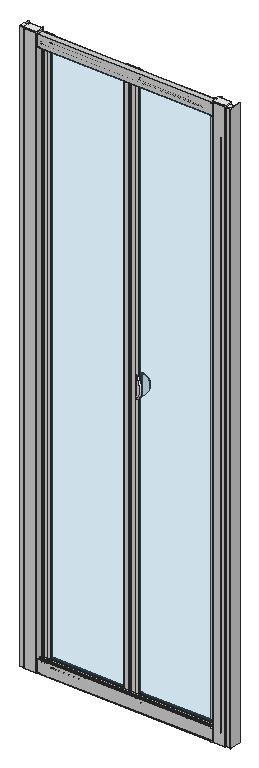
Revit family "TOPK", category Plumbing Fixtures, Revit 2015
Parameters (values of type "700")
  Seal = Seal
  Profile = Profile
  Glass = Glass
  Aluminum = Aluminum
  A = 700 mm
  URL = "http://www.sanswiss.com/"
  Type Comments = "TOP LINE"
  Model = "TOPK"
  Manufacturer = "SanSwiss"
Reference planes
  plane 1 "Center (Front/Back)": y = 0
  plane 2: z = 0
  plane 3 "Center (Left/Right)": x = 0
  plane 4: z = 1900
  plane 5: x = 700
  plane 6: x = 350
  plane 7: x = 370.098
Forms (mm)
  Sweep 1, solid, material "Profile" <- "Profile"
    path origin (0.01, 2.2, 2.5) x (1, 0, 0) y (0, 0, 1)
      loop
        line (1.5, -2.5) -> (1.5, 1898)
    profile origin (1.51, 2.2, 950.25) x (-1, 0, 0) y (0, -1, 0)
      loop
        line (0, -20.045) -> (0, -37.344)
        arc (0, -37.344) -> (0.439, -38.404) -> (1.5, -38.844) r 1.5
        line (1.5, -38.844) -> (1.5, -2.56)
        arc (1.5, -2.56) -> (1.073, -1.527) -> (0.04, -1.1) r 1.46
        line (0.04, -1.1) -> (-34.958, -1.1)
        arc (-34.958, -1.1) -> (-36.019, -1.539) -> (-36.458, -2.6) r 1.5
        line (-36.458, -2.6) -> (-36.458, -17.6)
        arc (-36.458, -17.6) -> (-36.019, -18.661) -> (-34.958, -19.1) r 1.5
        line (-34.958, -19.1) -> (-0.945, -19.1)
        arc (-0.945, -19.1) -> (-0.277, -19.377) -> (0, -20.045) r 0.945
  Sweep 2, solid, material "Profile" <- "Profile"
    path origin (0.35, 0, 0) x (1, 0, 0) y (0, 0, 1)
      loop
        line (0, 1902.5) -> (0, 0)
    profile origin (0.35, 0, 951.25) x (0, -1, 0) y (1, 0, 0)
      loop
        line (-21.3, 14.25) -> (-21.3, 15.75) -> (-23.1, 15.75) -> (-23.1, 22.55) -> (-21.5, 22.55) -> (-21.5, 24.05) -> (-23.1, 24.05) -> (-23.1, 44.741)
        arc (-23.1, 44.741) -> (-23.285, 45.673) -> (-23.813, 46.463) r 2.436
        line (-23.813, 46.463) -> (-26.88, 49.53)
        arc (-26.88, 49.53) -> (-27.053, 49.948) -> (-26.88, 50.366) r 0.591
        line (-26.88, 50.366) -> (-23.539, 53.706)
        arc (-23.539, 53.706) -> (-23.214, 54.188) -> (-23.1, 54.758) r 1.478
        line (-23.1, 54.758) -> (-23.1, 56.142)
        arc (-23.1, 56.142) -> (-22.922, 56.572) -> (-22.492, 56.75) r 0.608
        line (-22.492, 56.75) -> (-19.816, 56.75)
        arc (-19.816, 56.75) -> (-19.38, 56.57) -> (-19.2, 56.134) r 0.616
        line (-19.2, 56.134) -> (-19.2, 54.75) -> (-17.7, 54.75) -> (-17.7, 56.146)
        arc (-17.7, 56.146) -> (-17.523, 56.573) -> (-17.096, 56.75) r 0.604
        line (-17.096, 56.75) -> (-2.176, 56.75)
        arc (-2.176, 56.75) -> (-1.698, 56.552) -> (-1.5, 56.074) r 0.676
        line (-1.5, 56.074) -> (-1.5, 24.05) -> (-3.1, 24.05) -> (-3.1, 22.55) -> (-1.5, 22.55) -> (-1.5, 15.75) -> (-3.3, 15.75) -> (-3.3, 14.25) -> (-1.5, 14.25)
        arc (-1.5, 14.25) -> (-0.439, 14.689) -> (0, 15.75) r 1.5
        line (0, 15.75) -> (0, 57.264)
        arc (0, 57.264) -> (-0.289, 57.961) -> (-0.986, 58.25) r 0.986
        line (-0.986, 58.25) -> (-23.6, 58.25)
        arc (-23.6, 58.25) -> (-24.307, 57.957) -> (-24.6, 57.25) r 1
        line (-24.6, 57.25) -> (-24.6, 55.818)
        arc (-24.6, 55.818) -> (-24.766, 55.416) -> (-25.168, 55.25) r 0.568
        line (-25.168, 55.25) -> (-31.1, 55.25)
        arc (-31.1, 55.25) -> (-32.486, 54.324) -> (-32.161, 52.689) r 1.5
        line (-32.161, 52.689) -> (-25.139, 45.668)
        arc (-25.139, 45.668) -> (-24.74, 45.071) -> (-24.6, 44.366) r 1.84
        line (-24.6, 44.366) -> (-24.6, 15.75)
        arc (-24.6, 15.75) -> (-24.161, 14.689) -> (-23.1, 14.25) r 1.5
        line (-23.1, 14.25) -> (-21.3, 14.25)
  Sweep 3, solid, material "Seal" <- "Seal"
    path origin (0, 0, 0) x (1, 0, 0) y (0, 0, 1)
      loop
        line (59.404, 11) -> (59.404, 1889)
    profile origin (59.404, 0, 950) x (-1, 0, 0) y (0, -1, 0)
      loop
        line (2.687, -26.463) -> (2.687, -30.848) -> (3.712, -30.848) -> (3.773, -29.3) -> (3.773, -27.7) -> (3.649, -26.786)
        arc (3.649, -26.786) -> (2.171, -24.973) -> (0.693, -26.786) r 1.509
        line (0.693, -26.786) -> (0.616, -31.222)
        arc (0.616, -31.222) -> (0.632, -33.134) -> (-0.079, -34.909) r 4.938
        arc (-0.079, -34.909) -> (0.089, -35.26) -> (0.464, -35.153) r 0.302
        arc (0.464, -35.153) -> (1.358, -33.277) -> (1.666, -31.222) r 7.031
        line (1.666, -31.222) -> (1.666, -26.463)
        arc (1.666, -26.463) -> (2.176, -25.953) -> (2.687, -26.463) r 0.511
  Sweep 4, solid, material "Profile" <- "Profile"
    path origin (0, 0, 0) x (1, 0, 0) y (0, 0, 1)
      loop
        line (75.7, 11) -> (75.7, 1889)
    profile origin (75.7, 0, 950) x (-1, 0, 0) y (0, -1, 0)
      loop
        line (-0.427, -38.093) -> (13.302, -38.093)
        arc (13.302, -38.093) -> (15.18, -37.613) -> (16.6, -36.293) r 3.922
        line (16.6, -36.293) -> (16.6, -25.593)
        arc (16.6, -25.593) -> (15.868, -23.825) -> (14.1, -23.093) r 2.5
        line (14.1, -23.093) -> (-0.427, -23.093)
        arc (-0.427, -23.093) -> (-4.352, -24.212) -> (-7.097, -27.235) r 7.442
        line (-7.097, -27.235) -> (-7.097, -33.938)
        arc (-7.097, -33.938) -> (-4.356, -36.969) -> (-0.427, -38.093) r 7.432
  Sweep 5, solid, material "Profile" <- "Profile"
    path origin (0, 0, 0) x (1, 0, 0) y (0, 1, 0)
      loop
        line (325.303, 34.243) -> (82.797, 34.243)
    profile origin (204.05, 34.243, 0) x (0, -1, 0) y (0, 0, 1)
      loop
        line (0, 40.858) -> (0, 11.701)
        arc (0, 11.701) -> (0.293, 10.993) -> (1.001, 10.7) r 1.001
        line (1.001, 10.7) -> (6.355, 10.7)
        arc (6.355, 10.7) -> (7.094, 11.006) -> (7.4, 11.745) r 1.045
        line (7.4, 11.745) -> (7.4, 30.8) -> (9.257, 30.8) -> (9.257, 33.65) -> (8.057, 33.65) -> (8.057, 32.45) -> (6.857, 32.45) -> (6.857, 39.65) -> (8.057, 39.65) -> (8.057, 38.45) -> (9.257, 38.45) -> (9.257, 40.858) -> (5.7, 40.858) -> (5.7, 33.7) -> (1.7, 33.7) -> (1.7, 40.858) -> (0, 40.858)
      loop
        line (1, 31.2) -> (1, 11.7) -> (6.4, 11.7) -> (6.4, 31.2) -> (1, 31.2)
  Sweep 6, solid, material "Profile" <- "Profile"
    path origin (509.655, 61.185, 0) x (-1, 0, 0) y (0, 0, 1)
      loop
        line (177.255, 10.7) -> (177.255, 1888.9)
    profile origin (332.4, 61.185, 949.8) x (1, 0, 0) y (0, 1, 0)
      loop
        line (-0.427, -38.093) -> (13.302, -38.093)
        arc (13.302, -38.093) -> (15.18, -37.613) -> (16.6, -36.293) r 3.922
        line (16.6, -36.293) -> (16.6, -25.593)
        arc (16.6, -25.593) -> (15.868, -23.825) -> (14.1, -23.093) r 2.5
        line (14.1, -23.093) -> (-0.427, -23.093)
        arc (-0.427, -23.093) -> (-4.352, -24.212) -> (-7.097, -27.235) r 7.442
        line (-7.097, -27.235) -> (-7.097, -33.938)
        arc (-7.097, -33.938) -> (-4.356, -36.969) -> (-0.427, -38.093) r 7.432
  Sweep 7, solid, material "Seal" <- "Seal"
    path origin (1.442, 0, 0) x (1, 0, 0) y (0, 0, 1)
      loop
        line (350.441, 1874.3) -> (350.441, 25.3)
    profile origin (351.883, 0, 949.8) x (0, -1, 0) y (1, 0, 0)
      loop
        arc (-24.062, -5.882) -> (-23.34, -5.906) -> (-23.373, -5.185) r 0.492
        arc (-23.373, -5.185) -> (-23.557, -4.685) -> (-23.222, -4.272) r 0.538
        arc (-23.222, -4.272) -> (-21.315, -1.416) -> (-23.348, 1.352) r 2.992
        arc (-23.348, 1.352) -> (-23.682, 1.749) -> (-23.483, 2.228) r 0.5
        arc (-23.483, 2.228) -> (-23.385, 2.971) -> (-24.13, 3.038) r 0.519
        line (-24.13, 3.038) -> (-25.718, 1.095)
        arc (-25.718, 1.095) -> (-25.642, 0.345) -> (-24.893, 0.421) r 0.533
        arc (-24.893, 0.421) -> (-22.314, -1.483) -> (-24.893, -3.388) r 1.992
        arc (-24.893, -3.388) -> (-25.598, -3.338) -> (-25.647, -4.043) r 0.5
        line (-25.647, -4.043) -> (-24.062, -5.882)
  Sweep 8, solid, material "Profile" <- "Profile"
    path origin (900.2, 2.2, 2.5) x (-1, 0, 0) y (0, 0, -1)
      loop
        line (201.7, 2.5) -> (201.7, -1898)
    profile origin (698.5, 2.2, 950.25) x (-1, 0, 0) y (0, -1, 0)
      loop
        arc (0, -20.045) -> (0.277, -19.377) -> (0.945, -19.1) r 0.945
        line (0.945, -19.1) -> (34.958, -19.1)
        arc (34.958, -19.1) -> (36.019, -18.661) -> (36.458, -17.6) r 1.5
        line (36.458, -17.6) -> (36.458, -2.6)
        arc (36.458, -2.6) -> (36.019, -1.539) -> (34.958, -1.1) r 1.5
        line (34.958, -1.1) -> (-0.04, -1.1)
        arc (-0.04, -1.1) -> (-1.073, -1.527) -> (-1.5, -2.56) r 1.46
        line (-1.5, -2.56) -> (-1.5, -38.844)
        arc (-1.5, -38.844) -> (-0.439, -38.404) -> (0, -37.344) r 1.5
        line (0, -37.344) -> (0, -20.045)
  Sweep 9, solid, material "Profile" <- "Profile"
    path origin (899.85, 0, 0) x (-1, 0, 0) y (0, 0, -1)
      loop
        line (200.2, -1902.5) -> (200.2, 0)
    profile origin (699.65, 0, 951.25) x (0, -1, 0) y (1, 0, 0)
      loop
        line (-21.3, -14.25) -> (-23.1, -14.25)
        arc (-23.1, -14.25) -> (-24.161, -14.689) -> (-24.6, -15.75) r 1.5
        line (-24.6, -15.75) -> (-24.6, -44.366)
        arc (-24.6, -44.366) -> (-24.74, -45.071) -> (-25.139, -45.668) r 1.84
        line (-25.139, -45.668) -> (-32.161, -52.689)
        arc (-32.161, -52.689) -> (-32.486, -54.324) -> (-31.1, -55.25) r 1.5
        line (-31.1, -55.25) -> (-25.168, -55.25)
        arc (-25.168, -55.25) -> (-24.766, -55.416) -> (-24.6, -55.818) r 0.568
        line (-24.6, -55.818) -> (-24.6, -57.25)
        arc (-24.6, -57.25) -> (-24.307, -57.957) -> (-23.6, -58.25) r 1
        line (-23.6, -58.25) -> (-0.986, -58.25)
        arc (-0.986, -58.25) -> (-0.289, -57.961) -> (0, -57.264) r 0.986
        line (0, -57.264) -> (0, -15.75)
        arc (0, -15.75) -> (-0.439, -14.689) -> (-1.5, -14.25) r 1.5
        line (-1.5, -14.25) -> (-3.3, -14.25) -> (-3.3, -15.75) -> (-1.5, -15.75) -> (-1.5, -22.55) -> (-3.1, -22.55) -> (-3.1, -24.05) -> (-1.5, -24.05) -> (-1.5, -56.074)
        arc (-1.5, -56.074) -> (-1.698, -56.552) -> (-2.176, -56.75) r 0.676
        line (-2.176, -56.75) -> (-17.096, -56.75)
        arc (-17.096, -56.75) -> (-17.523, -56.573) -> (-17.7, -56.146) r 0.604
        line (-17.7, -56.146) -> (-17.7, -54.75) -> (-19.2, -54.75) -> (-19.2, -56.134)
        arc (-19.2, -56.134) -> (-19.38, -56.57) -> (-19.816, -56.75) r 0.616
        line (-19.816, -56.75) -> (-22.492, -56.75)
        arc (-22.492, -56.75) -> (-22.922, -56.572) -> (-23.1, -56.142) r 0.608
        line (-23.1, -56.142) -> (-23.1, -54.758)
        arc (-23.1, -54.758) -> (-23.214, -54.188) -> (-23.539, -53.706) r 1.478
        line (-23.539, -53.706) -> (-26.88, -50.366)
        arc (-26.88, -50.366) -> (-27.053, -49.948) -> (-26.88, -49.53) r 0.591
        line (-26.88, -49.53) -> (-23.813, -46.463)
        arc (-23.813, -46.463) -> (-23.285, -45.673) -> (-23.1, -44.741) r 2.436
        line (-23.1, -44.741) -> (-23.1, -24.05) -> (-21.5, -24.05) -> (-21.5, -22.55) -> (-23.1, -22.55) -> (-23.1, -15.75) -> (-21.3, -15.75) -> (-21.3, -14.25)
  Sweep 10, solid, material "Seal" <- "Seal"
    path origin (900.199, 0, 0) x (-1, 0, 0) y (0, 0, 1)
      loop
        line (259.604, 11) -> (259.604, 1889)
    profile origin (640.595, 0, 950) x (-1, 0, 0) y (0, -1, 0)
      loop
        arc (-2.687, -26.498) -> (-2.176, -25.988) -> (-1.666, -26.498) r 0.511
        line (-1.666, -26.498) -> (-1.666, -31.257)
        arc (-1.666, -31.257) -> (-1.358, -33.312) -> (-0.464, -35.188) r 7.031
        arc (-0.464, -35.188) -> (-0.089, -35.295) -> (0.079, -34.944) r 0.302
        arc (0.079, -34.944) -> (-0.632, -33.169) -> (-0.616, -31.257) r 4.938
        line (-0.616, -31.257) -> (-0.693, -26.821)
        arc (-0.693, -26.821) -> (-2.171, -25.008) -> (-3.649, -26.821) r 1.509
        line (-3.649, -26.821) -> (-3.773, -27.735) -> (-3.773, -29.335) -> (-3.712, -30.883) -> (-2.687, -30.883) -> (-2.687, -26.498)
  Sweep 11, solid, material "Profile" <- "Profile"
    path origin (899.8, 0, 0) x (-1, 0, 0) y (0, 0, 1)
      loop
        line (275.9, 11) -> (275.9, 1889)
    profile origin (623.9, 0, 950) x (-1, 0, 0) y (0, -1, 0)
      loop
        arc (0.427, -38.093) -> (4.356, -36.969) -> (7.097, -33.938) r 7.432
        line (7.097, -33.938) -> (7.097, -27.235)
        arc (7.097, -27.235) -> (4.352, -24.212) -> (0.427, -23.093) r 7.442
        line (0.427, -23.093) -> (-14.1, -23.093)
        arc (-14.1, -23.093) -> (-15.868, -23.825) -> (-16.6, -25.593) r 2.5
        line (-16.6, -25.593) -> (-16.6, -36.293)
        arc (-16.6, -36.293) -> (-15.18, -37.613) -> (-13.302, -38.093) r 3.922
        line (-13.302, -38.093) -> (0.427, -38.093)
  Sweep 12, solid, material "Profile" <- "Profile"
    path origin (898.2, 0, 0) x (-1, 0, 0) y (0, 1, 0)
      loop
        line (522.703, 34.243) -> (281.397, 34.243)
    profile origin (496.15, 34.243, 0) x (0, 1, 0) y (0, 0, 1)
      loop
        line (0, 40.858) -> (-1.7, 40.858) -> (-1.7, 33.7) -> (-5.7, 33.7) -> (-5.7, 40.858) -> (-9.257, 40.858) -> (-9.257, 38.45) -> (-8.057, 38.45) -> (-8.057, 39.65) -> (-6.857, 39.65) -> (-6.857, 32.45) -> (-8.057, 32.45) -> (-8.057, 33.65) -> (-9.257, 33.65) -> (-9.257, 30.8) -> (-7.4, 30.8) -> (-7.4, 11.745)
        arc (-7.4, 11.745) -> (-7.094, 11.006) -> (-6.355, 10.7) r 1.045
        line (-6.355, 10.7) -> (-1.001, 10.7)
        arc (-1.001, 10.7) -> (-0.293, 10.993) -> (0, 11.701) r 1.001
        line (0, 11.701) -> (0, 40.858)
      loop
        line (-1, 31.2) -> (-6.4, 31.2) -> (-6.4, 11.7) -> (-1, 11.7) -> (-1, 31.2)
  Sweep 13, solid, material "Profile" <- "Profile"
    path origin (394.255, 61.185, 0) x (1, 0, 0) y (0, 0, -1)
      loop
        line (-25.855, -10.7) -> (-25.855, -1888.9)
    profile origin (368.4, 61.185, 949.8) x (1, 0, 0) y (0, 1, 0)
      loop
        arc (0.427, -38.093) -> (4.356, -36.969) -> (7.097, -33.938) r 7.432
        line (7.097, -33.938) -> (7.097, -27.235)
        arc (7.097, -27.235) -> (4.352, -24.212) -> (0.427, -23.093) r 7.442
        line (0.427, -23.093) -> (-14.1, -23.093)
        arc (-14.1, -23.093) -> (-15.868, -23.825) -> (-16.6, -25.593) r 2.5
        line (-16.6, -25.593) -> (-16.6, -36.293)
        arc (-16.6, -36.293) -> (-15.18, -37.613) -> (-13.302, -38.093) r 3.922
        line (-13.302, -38.093) -> (0.427, -38.093)
  Extrusion 14, solid, material "Glass" <- "Glass"
    sketch origin (0, 0, 0) x (1, 0, 0) y (0, 1, 0)
      loop
        line (82.797, 32.543) -> (82.797, 28.543) -> (325.303, 28.543) -> (325.303, 32.543) -> (82.797, 32.543)
    from 33.7 to 1867
  Extrusion 15, solid, material "Glass" <- "Glass"
    sketch origin (0, 0, 0) x (1, 0, 0) y (0, 1, 0)
      loop
        line (375.497, 32.543) -> (375.497, 28.543) -> (616.803, 28.543) -> (616.803, 32.543) -> (375.497, 32.543)
    from 33.7 to 1867
  Sweep 16, solid, material "Profile" <- "Profile"
    path origin (0, 0, 0) x (1, 0, 0) y (0, 1, 0)
      loop
        line (58.6, 3.1) -> (641.4, 3.1)
    profile origin (350, 3.1, 0) x (0, 1, 0) y (0, 0, 1)
      loop
        line (16.399, 42) -> (8.397, 42)
        arc (8.397, 42) -> (7.602, 42.521) -> (6.654, 42.6) r 1.931
        line (6.654, 42.6) -> (-0.033, 42.6)
        arc (-0.033, 42.6) -> (-1.07, 42.17) -> (-1.5, 41.133) r 1.467
        line (-1.5, 41.133) -> (-1.5, 1.4)
        arc (-1.5, 1.4) -> (-1.09, 0.41) -> (-0.1, 0) r 1.4
        line (-0.1, 0) -> (15.584, 0)
        arc (15.584, 0) -> (16.519, 0.387) -> (16.906, 1.322) r 1.322
        line (16.906, 1.322) -> (16.906, 8.193) -> (16.006, 10.123)
        arc (16.006, 10.123) -> (15.637, 10.543) -> (15.1, 10.7) r 1
        line (15.1, 10.7) -> (9.5, 10.7)
        arc (9.5, 10.7) -> (8.197, 11.24) -> (7.657, 12.543) r 1.843
        line (7.657, 12.543) -> (7.657, 29.394)
        arc (7.657, 29.394) -> (7.864, 29.893) -> (8.363, 30.1) r 0.706
        line (8.363, 30.1) -> (11.1, 30.1) -> (11.1, 28.6)
        arc (11.1, 28.6) -> (12, 27.7) -> (12.9, 28.6) r 0.9
        line (12.9, 28.6) -> (12.9, 30.1) -> (16.457, 30.1)
        arc (16.457, 30.1) -> (17.057, 30.7) -> (16.457, 31.3) r 0.6
        line (16.457, 31.3) -> (14, 31.3) -> (14, 33.65) -> (12.8, 33.65) -> (12.8, 31.6) -> (9.8, 31.6) -> (9.8, 40.5) -> (12.8, 40.5) -> (12.8, 38.45) -> (14, 38.45) -> (14, 40.8) -> (16.399, 40.8)
        arc (16.399, 40.8) -> (16.999, 41.4) -> (16.399, 42) r 0.6
  Sweep 17, solid, material "Profile" <- "Profile"
    path origin (7.93, -0.036, 1898.5) x (0, -1, 0) y (1, 0, 0)
      loop
        line (-3.1, 50.67) -> (-3.1, 633.47)
    profile origin (350, 3.064, 1898.5) x (0, 1, 0) y (0, 0, 1)
      loop
        arc (16.435, -39.8) -> (17.035, -39.2) -> (16.435, -38.6) r 0.6
        line (16.435, -38.6) -> (14.036, -38.6) -> (14.036, -36.25) -> (12.836, -36.25) -> (12.836, -38.3) -> (9.8, -38.3) -> (9.8, -29.4) -> (12.836, -29.4) -> (12.836, -31.45) -> (14.036, -31.45) -> (14.036, -29.1) -> (16.493, -29.1)
        arc (16.493, -29.1) -> (17.093, -28.5) -> (16.493, -27.9) r 0.6
        line (16.493, -27.9) -> (12.936, -27.9) -> (12.936, -26.4)
        arc (12.936, -26.4) -> (12.036, -25.5) -> (11.136, -26.4) r 0.9
        line (11.136, -26.4) -> (11.136, -27.9) -> (8.363, -27.9)
        arc (8.363, -27.9) -> (7.864, -27.693) -> (7.657, -27.194) r 0.706
        line (7.657, -27.194) -> (7.657, -12.543)
        arc (7.657, -12.543) -> (8.197, -11.24) -> (9.5, -10.7) r 1.843
        line (9.5, -10.7) -> (15.1, -10.7)
        arc (15.1, -10.7) -> (15.637, -10.543) -> (16.006, -10.123) r 1
        line (16.006, -10.123) -> (16.906, -8.193) -> (16.906, -1.322)
        arc (16.906, -1.322) -> (16.519, -0.387) -> (15.584, 0) r 1.322
        line (15.584, 0) -> (-0.1, 0)
        arc (-0.1, 0) -> (-1.09, -0.41) -> (-1.5, -1.4) r 1.4
        line (-1.5, -1.4) -> (-1.5, -38.933)
        arc (-1.5, -38.933) -> (-1.07, -39.97) -> (-0.033, -40.4) r 1.467
        line (-0.033, -40.4) -> (6.654, -40.4)
        arc (6.654, -40.4) -> (7.602, -40.321) -> (8.397, -39.8) r 1.931
        line (8.397, -39.8) -> (16.435, -39.8)
  Extrusion 18, solid, material "Aluminum" <- "Aluminum"
    sketch origin (0, 0, 0) x (1, 0, 0) y (0, 1, 0)
      loop
        line (642.386, 0) -> (683.9, 0)
        arc (683.9, 0) -> (684.961, 0.439) -> (685.4, 1.5) r 1.5
        line (685.4, 1.5) -> (685.4, 23.1)
        arc (685.4, 23.1) -> (684.961, 24.161) -> (683.9, 24.6) r 1.5
        line (683.9, 24.6) -> (642.4, 24.6)
        arc (642.4, 24.6) -> (641.693, 24.307) -> (641.4, 23.6) r 1
        line (641.4, 23.6) -> (641.4, 0.986)
        arc (641.4, 0.986) -> (641.689, 0.289) -> (642.386, 0) r 0.986
    from 1902.5 to 1905
  Extrusion 19, solid, material "Aluminum" <- "Aluminum"
    sketch origin (900.2, 0, 0) x (-1, 0, 0) y (0, -1, 0)
      loop
        arc (842.586, 0) -> (841.889, -0.289) -> (841.6, -0.986) r 0.986
        line (841.6, -0.986) -> (841.6, -23.6)
        arc (841.6, -23.6) -> (841.893, -24.307) -> (842.6, -24.6) r 1
        line (842.6, -24.6) -> (884.1, -24.6)
        arc (884.1, -24.6) -> (885.161, -24.161) -> (885.6, -23.1) r 1.5
        line (885.6, -23.1) -> (885.6, -1.5)
        arc (885.6, -1.5) -> (885.161, -0.439) -> (884.1, 0) r 1.5
        line (884.1, 0) -> (842.586, 0)
    from 1902.5 to 1905
  Revolve 20, solid, material "Aluminum" <- "Aluminum"
    sketch origin (504.406, -1.655, 1798.067) x (1, 0, 0) y (0, 1, 0)
      loop
        line (194.094, 31.318) -> (194.094, 37.99) -> (190.058, 37.99)
        arc (190.058, 37.99) -> (189.389, 37.74) -> (189.049, 37.112) r 1.019
        arc (189.049, 37.112) -> (188.737, 34.222) -> (188.614, 31.318) r 44.956
        line (188.614, 31.318) -> (194.094, 31.318)
      axis (194.094, 31.318) -> (188.614, 31.318)
    angle from 0 to 360
  Revolve 21, solid, material "Aluminum" <- "Aluminum"
    sketch origin (504.406, -1.655, 949.131) x (1, 0, 0) y (0, 1, 0)
      loop
        line (194.094, 31.318) -> (194.094, 37.99) -> (190.058, 37.99)
        arc (190.058, 37.99) -> (189.389, 37.74) -> (189.049, 37.112) r 1.019
        arc (189.049, 37.112) -> (188.737, 34.222) -> (188.614, 31.318) r 44.956
        line (188.614, 31.318) -> (194.094, 31.318)
      axis (194.094, 31.318) -> (188.614, 31.318)
    angle from 0 to 360
  Revolve 22, solid, material "Aluminum" <- "Aluminum"
    sketch origin (504.406, -1.655, 100.467) x (1, 0, 0) y (0, 1, 0)
      loop
        line (194.094, 31.318) -> (194.094, 37.99) -> (190.058, 37.99)
        arc (190.058, 37.99) -> (189.389, 37.74) -> (189.049, 37.112) r 1.019
        arc (189.049, 37.112) -> (188.737, 34.222) -> (188.614, 31.318) r 44.956
        line (188.614, 31.318) -> (194.094, 31.318)
      axis (194.094, 31.318) -> (188.614, 31.318)
    angle from 0 to 360
  Revolve 23, solid, material "Aluminum" <- "Aluminum"
    sketch origin (395.794, -1.655, 1798.067) x (-1, 0, 0) y (0, -1, 0)
      loop
        line (394.294, -31.318) -> (388.814, -31.318)
        arc (388.814, -31.318) -> (388.937, -34.222) -> (389.249, -37.112) r 44.956
        arc (389.249, -37.112) -> (389.589, -37.74) -> (390.258, -37.99) r 1.019
        line (390.258, -37.99) -> (394.294, -37.99) -> (394.294, -31.318)
      axis (394.294, -31.318) -> (388.814, -31.318)
    angle from 0 to 360
  Revolve 24, solid, material "Aluminum" <- "Aluminum"
    sketch origin (395.794, -1.655, 949.131) x (-1, 0, 0) y (0, -1, 0)
      loop
        line (394.294, -31.318) -> (388.814, -31.318)
        arc (388.814, -31.318) -> (388.937, -34.222) -> (389.249, -37.112) r 44.956
        arc (389.249, -37.112) -> (389.589, -37.74) -> (390.258, -37.99) r 1.019
        line (390.258, -37.99) -> (394.294, -37.99) -> (394.294, -31.318)
      axis (394.294, -31.318) -> (388.814, -31.318)
    angle from 0 to 360
  Revolve 25, solid, material "Aluminum" <- "Aluminum"
    sketch origin (395.794, -1.655, 100.467) x (-1, 0, 0) y (0, -1, 0)
      loop
        line (394.294, -31.318) -> (388.814, -31.318)
        arc (388.814, -31.318) -> (388.937, -34.222) -> (389.249, -37.112) r 44.956
        arc (389.249, -37.112) -> (389.589, -37.74) -> (390.258, -37.99) r 1.019
        line (390.258, -37.99) -> (394.294, -37.99) -> (394.294, -31.318)
      axis (394.294, -31.318) -> (388.814, -31.318)
    angle from 0 to 360
  Extrusion 26, solid, material "Aluminum" <- "Aluminum"
    sketch origin (0, 0, 0) x (1, 0, 0) y (0, 1, 0)
      loop
        line (37.999, 4.8) -> (37.999, 19.8)
        arc (37.999, 19.8) -> (37.56, 20.861) -> (36.499, 21.3) r 1.5
        line (36.499, 21.3) -> (1.5, 21.3)
        arc (1.5, 21.3) -> (0.439, 20.861) -> (0, 19.8) r 1.5
        line (0, 19.8) -> (0, 4.8)
        arc (0, 4.8) -> (0.439, 3.739) -> (1.5, 3.3) r 1.5
        line (1.5, 3.3) -> (36.499, 3.3)
        arc (36.499, 3.3) -> (37.56, 3.739) -> (37.999, 4.8) r 1.5
    from 1900.5 to 1901.5
  Extrusion 27, solid, material "Aluminum" <- "Aluminum"
    sketch origin (730.971, 0, 0) x (-1, 0, 0) y (0, -1, 0)
      loop
        arc (68.97, -4.8) -> (68.531, -3.739) -> (67.47, -3.3) r 1.5
        line (67.47, -3.3) -> (32.471, -3.3)
        arc (32.471, -3.3) -> (31.41, -3.739) -> (30.971, -4.8) r 1.5
        line (30.971, -4.8) -> (30.971, -19.8)
        arc (30.971, -19.8) -> (31.41, -20.861) -> (32.471, -21.3) r 1.5
        line (32.471, -21.3) -> (67.47, -21.3)
        arc (67.47, -21.3) -> (68.531, -20.861) -> (68.97, -19.8) r 1.5
        line (68.97, -19.8) -> (68.97, -4.8)
    from 1900.5 to 1901.5
  Sweep 28, solid, material "Seal" <- "Seal"
    path origin (898.2, 0, 0) x (-1, 0, 0) y (0, 1, 0)
      loop
        line (839.6, 34.243) -> (256.8, 34.243)
    profile origin (350, 34.243, 0) x (0, 1, 0) y (0, 0, 1)
      loop
        arc (-15.874, 40.4) -> (-16.276, 40.234) -> (-16.443, 39.832) r 0.568
        line (-16.443, 39.832) -> (-16.443, 38.121)
        arc (-16.443, 38.121) -> (-16.61, 37.717) -> (-17.013, 37.55) r 0.571
        line (-17.013, 37.55) -> (-18.343, 37.55) -> (-18.343, 39.15)
        arc (-18.343, 39.15) -> (-18.843, 39.65) -> (-19.343, 39.15) r 0.5
        line (-19.343, 39.15) -> (-19.343, 32.95)
        arc (-19.343, 32.95) -> (-18.843, 32.45) -> (-18.343, 32.95) r 0.5
        line (-18.343, 32.95) -> (-18.343, 34.55) -> (-17.023, 34.55)
        arc (-17.023, 34.55) -> (-16.613, 34.38) -> (-16.443, 33.969) r 0.581
        line (-16.443, 33.969) -> (-16.443, 32.292)
        arc (-16.443, 32.292) -> (-16.269, 31.873) -> (-15.85, 31.7) r 0.592
        line (-15.85, 31.7) -> (-13.843, 31.7) -> (-13.2, 33.175) -> (-13.2, 38.788) -> (-13.843, 40.4) -> (-15.874, 40.4)
      loop
        line (-16.443, 35.05) -> (-16.443, 37.05) -> (-18.343, 37.05) -> (-18.343, 35.05) -> (-16.443, 35.05)
  Sweep 29, solid, material "Seal" <- "Seal"
    path origin (898.2, 42.085, 0) x (-1, 0, 0) y (0, -1, 0)
      loop
        line (522.703, 34.243) -> (281.397, 34.243)
    profile origin (496.15, 7.843, 0) x (0, 1, 0) y (0, 0, 1)
      loop
        line (15.874, 40.4) -> (13.843, 40.4) -> (13.2, 38.788) -> (13.2, 33.175) -> (13.843, 31.7) -> (15.85, 31.7)
        arc (15.85, 31.7) -> (16.269, 31.873) -> (16.443, 32.292) r 0.592
        line (16.443, 32.292) -> (16.443, 33.969)
        arc (16.443, 33.969) -> (16.613, 34.38) -> (17.023, 34.55) r 0.581
        line (17.023, 34.55) -> (18.343, 34.55) -> (18.343, 32.95)
        arc (18.343, 32.95) -> (18.843, 32.45) -> (19.343, 32.95) r 0.5
        line (19.343, 32.95) -> (19.343, 39.15)
        arc (19.343, 39.15) -> (18.843, 39.65) -> (18.343, 39.15) r 0.5
        line (18.343, 39.15) -> (18.343, 37.55) -> (17.013, 37.55)
        arc (17.013, 37.55) -> (16.61, 37.717) -> (16.443, 38.121) r 0.571
        line (16.443, 38.121) -> (16.443, 39.832)
        arc (16.443, 39.832) -> (16.276, 40.234) -> (15.874, 40.4) r 0.568
      loop
        line (16.443, 35.05) -> (18.343, 35.05) -> (18.343, 37.05) -> (16.443, 37.05) -> (16.443, 35.05)
  Sweep 30, solid, material "Seal" <- "Seal"
    path origin (0, 0, 0) x (1, 0, 0) y (0, 1, 0)
      loop
        line (325.303, 34.243) -> (82.797, 34.243)
    profile origin (204.05, 34.243, 0) x (0, -1, 0) y (0, 0, 1)
      loop
        arc (10.526, 40.4) -> (10.124, 40.234) -> (9.957, 39.832) r 0.568
        line (9.957, 39.832) -> (9.957, 38.121)
        arc (9.957, 38.121) -> (9.79, 37.717) -> (9.387, 37.55) r 0.571
        line (9.387, 37.55) -> (8.057, 37.55) -> (8.057, 39.15)
        arc (8.057, 39.15) -> (7.557, 39.65) -> (7.057, 39.15) r 0.5
        line (7.057, 39.15) -> (7.057, 32.95)
        arc (7.057, 32.95) -> (7.557, 32.45) -> (8.057, 32.95) r 0.5
        line (8.057, 32.95) -> (8.057, 34.55) -> (9.377, 34.55)
        arc (9.377, 34.55) -> (9.787, 34.38) -> (9.957, 33.969) r 0.581
        line (9.957, 33.969) -> (9.957, 32.292)
        arc (9.957, 32.292) -> (10.131, 31.873) -> (10.55, 31.7) r 0.592
        line (10.55, 31.7) -> (12.557, 31.7) -> (13.2, 33.175) -> (13.2, 38.788) -> (12.557, 40.4) -> (10.526, 40.4)
      loop
        line (9.957, 35.05) -> (9.957, 37.05) -> (8.057, 37.05) -> (8.057, 35.05) -> (9.957, 35.05)
  Sweep 31, solid, material "Profile" <- "Profile"
    path origin (898.2, 0, 1900.7) x (0, 1, 0) y (-1, 0, 0)
      loop
        line (34.243, 522.703) -> (34.243, 281.397)
    profile origin (496.15, 34.243, 1900.7) x (0, 1, 0) y (0, 0, 1)
      loop
        line (0, -40.858) -> (0, -11.701)
        arc (0, -11.701) -> (-0.293, -10.993) -> (-1.001, -10.7) r 1.001
        line (-1.001, -10.7) -> (-6.355, -10.7)
        arc (-6.355, -10.7) -> (-7.094, -11.006) -> (-7.4, -11.745) r 1.045
        line (-7.4, -11.745) -> (-7.4, -30.8) -> (-9.257, -30.8) -> (-9.257, -33.65) -> (-8.057, -33.65) -> (-8.057, -32.45) -> (-6.857, -32.45) -> (-6.857, -39.65) -> (-8.057, -39.65) -> (-8.057, -38.45) -> (-9.257, -38.45) -> (-9.257, -40.858) -> (-5.7, -40.858) -> (-5.7, -33.7) -> (-1.7, -33.7) -> (-1.7, -40.858) -> (0, -40.858)
      loop
        line (-1, -31.2) -> (-1, -11.7) -> (-6.4, -11.7) -> (-6.4, -31.2) -> (-1, -31.2)
  Sweep 32, solid, material "Seal" <- "Seal"
    path origin (898.2, 0, 1900.7) x (0, 1, 0) y (-1, 0, 0)
      loop
        line (34.243, 839.6) -> (34.243, 256.8)
    profile origin (350, 34.243, 1900.7) x (0, 1, 0) y (0, 0, 1)
      loop
        line (-15.874, -40.4) -> (-13.843, -40.4) -> (-13.2, -38.788) -> (-13.2, -33.175) -> (-13.843, -31.7) -> (-15.85, -31.7)
        arc (-15.85, -31.7) -> (-16.269, -31.873) -> (-16.443, -32.292) r 0.592
        line (-16.443, -32.292) -> (-16.443, -33.969)
        arc (-16.443, -33.969) -> (-16.613, -34.38) -> (-17.023, -34.55) r 0.581
        line (-17.023, -34.55) -> (-18.343, -34.55) -> (-18.343, -32.95)
        arc (-18.343, -32.95) -> (-18.843, -32.45) -> (-19.343, -32.95) r 0.5
        line (-19.343, -32.95) -> (-19.343, -39.15)
        arc (-19.343, -39.15) -> (-18.843, -39.65) -> (-18.343, -39.15) r 0.5
        line (-18.343, -39.15) -> (-18.343, -37.55) -> (-17.013, -37.55)
        arc (-17.013, -37.55) -> (-16.61, -37.717) -> (-16.443, -38.121) r 0.571
        line (-16.443, -38.121) -> (-16.443, -39.832)
        arc (-16.443, -39.832) -> (-16.276, -40.234) -> (-15.874, -40.4) r 0.568
      loop
        line (-16.443, -35.05) -> (-18.343, -35.05) -> (-18.343, -37.05) -> (-16.443, -37.05) -> (-16.443, -35.05)
  Sweep 33, solid, material "Seal" <- "Seal"
    path origin (898.2, 42.085, 1900.7) x (0, 1, 0) y (-1, 0, 0)
      loop
        line (-34.243, 522.703) -> (-34.243, 281.397)
    profile origin (496.15, 7.843, 1900.7) x (0, 1, 0) y (0, 0, 1)
      loop
        arc (15.874, -40.4) -> (16.276, -40.234) -> (16.443, -39.832) r 0.568
        line (16.443, -39.832) -> (16.443, -38.121)
        arc (16.443, -38.121) -> (16.61, -37.717) -> (17.013, -37.55) r 0.571
        line (17.013, -37.55) -> (18.343, -37.55) -> (18.343, -39.15)
        arc (18.343, -39.15) -> (18.843, -39.65) -> (19.343, -39.15) r 0.5
        line (19.343, -39.15) -> (19.343, -32.95)
        arc (19.343, -32.95) -> (18.843, -32.45) -> (18.343, -32.95) r 0.5
        line (18.343, -32.95) -> (18.343, -34.55) -> (17.023, -34.55)
        arc (17.023, -34.55) -> (16.613, -34.38) -> (16.443, -33.969) r 0.581
        line (16.443, -33.969) -> (16.443, -32.292)
        arc (16.443, -32.292) -> (16.269, -31.873) -> (15.85, -31.7) r 0.592
        line (15.85, -31.7) -> (13.843, -31.7) -> (13.2, -33.175) -> (13.2, -38.788) -> (13.843, -40.4) -> (15.874, -40.4)
      loop
        line (16.443, -35.05) -> (16.443, -37.05) -> (18.343, -37.05) -> (18.343, -35.05) -> (16.443, -35.05)
  Sweep 34, solid, material "Profile" <- "Profile"
    path origin (-200.2, 0, 1900.7) x (0, -1, 0) y (1, 0, 0)
      loop
        line (-34.243, 525.503) -> (-34.243, 282.997)
    profile origin (204.05, 34.243, 1900.7) x (0, -1, 0) y (0, 0, 1)
      loop
        line (0, -40.858) -> (1.7, -40.858) -> (1.7, -33.7) -> (5.7, -33.7) -> (5.7, -40.858) -> (9.257, -40.858) -> (9.257, -38.45) -> (8.057, -38.45) -> (8.057, -39.65) -> (6.857, -39.65) -> (6.857, -32.45) -> (8.057, -32.45) -> (8.057, -33.65) -> (9.257, -33.65) -> (9.257, -30.8) -> (7.4, -30.8) -> (7.4, -11.745)
        arc (7.4, -11.745) -> (7.094, -11.006) -> (6.355, -10.7) r 1.045
        line (6.355, -10.7) -> (1.001, -10.7)
        arc (1.001, -10.7) -> (0.293, -10.993) -> (0, -11.701) r 1.001
        line (0, -11.701) -> (0, -40.858)
      loop
        line (1, -31.2) -> (6.4, -31.2) -> (6.4, -11.7) -> (1, -11.7) -> (1, -31.2)
  Sweep 35, solid, material "Seal" <- "Seal"
    path origin (-200.2, 42.085, 1900.7) x (0, -1, 0) y (1, 0, 0)
      loop
        line (34.243, 525.503) -> (34.243, 282.997)
    profile origin (204.05, 7.843, 1900.7) x (0, -1, 0) y (0, 0, 1)
      loop
        line (-15.874, -40.4) -> (-13.843, -40.4) -> (-13.2, -38.788) -> (-13.2, -33.175) -> (-13.843, -31.7) -> (-15.85, -31.7)
        arc (-15.85, -31.7) -> (-16.269, -31.873) -> (-16.443, -32.292) r 0.592
        line (-16.443, -32.292) -> (-16.443, -33.969)
        arc (-16.443, -33.969) -> (-16.613, -34.38) -> (-17.023, -34.55) r 0.581
        line (-17.023, -34.55) -> (-18.343, -34.55) -> (-18.343, -32.95)
        arc (-18.343, -32.95) -> (-18.843, -32.45) -> (-19.343, -32.95) r 0.5
        line (-19.343, -32.95) -> (-19.343, -39.15)
        arc (-19.343, -39.15) -> (-18.843, -39.65) -> (-18.343, -39.15) r 0.5
        line (-18.343, -39.15) -> (-18.343, -37.55) -> (-17.013, -37.55)
        arc (-17.013, -37.55) -> (-16.61, -37.717) -> (-16.443, -38.121) r 0.571
        line (-16.443, -38.121) -> (-16.443, -39.832)
        arc (-16.443, -39.832) -> (-16.276, -40.234) -> (-15.874, -40.4) r 0.568
      loop
        line (-16.443, -35.05) -> (-18.343, -35.05) -> (-18.343, -37.05) -> (-16.443, -37.05) -> (-16.443, -35.05)
Dimensions and locks
  plane 4 to level = 1900 mm
  equal spacing: plane 3 "Center (Left/Right)", plane 6, plane 5
  "A": plane 3 "Center (Left/Right)" to plane 5
  locked: plane 6 to plane 7 at 20.098
  locked: Extrusion 26 sketch curve to Extrusion 26 sketch curve at 34.999  (x2)
  locked: Extrusion 26 sketch curve to Extrusion 26 sketch curve at 1.5
  locked: Extrusion 27 sketch curve to Extrusion 27 sketch curve at 34.999  (x2)
  locked: Extrusion 27 sketch curve to Extrusion 27 sketch curve at 1.5
  aligned and locked: level to plane 2
  aligned and locked: Sweep 2 to Sweep 17 sketch curve
  aligned and locked: Sweep 9 to Sweep 17 sketch curve
  aligned and locked: plane 7 to nested 1
Automatic sketch dimensions
  plane 3 "Center (Left/Right)" to Sweep 1 sketch curve = 1.51 mm
  level to Sweep 1 sketch curve = 0 mm
  plane 4 to Sweep 1 sketch curve = 0.5 mm
  plane 4 to Sweep 2 sketch curve = 2.5 mm
  plane 3 "Center (Left/Right)" to Sweep 2 sketch curve = 0.35 mm
  Sweep 2 sketch curve to level = 0 mm
  profile plane to Sweep 2 sketch curve = 0 mm
  Sweep 2 sketch curve to profile plane = 0.986 mm
  Sweep 2 sketch curve to profile plane = 1.5 mm  (x2)
  Sweep 2 sketch curve to Sweep 2 sketch curve = 0 mm  (x3)
  Sweep 2 sketch curve to Sweep 2 sketch curve = 0.676 mm
  Sweep 2 sketch curve to Sweep 2 sketch curve = 1.6 mm  (x2)
  Sweep 2 sketch curve to Sweep 2 sketch curve = 1.8 mm
  Sweep 2 sketch curve to Sweep 2 sketch curve = 14.92 mm
  Sweep 2 sketch curve to Sweep 2 sketch curve = 0.604 mm
  Sweep 2 sketch curve to Sweep 2 sketch curve = 1.5 mm  (x6)
  Sweep 2 sketch curve to Sweep 2 sketch curve = 0.616 mm
  Sweep 2 sketch curve to Sweep 2 sketch curve = 18 mm
  Sweep 2 sketch curve to Sweep 2 sketch curve = 0.2 mm
  Sweep 2 sketch curve to Sweep 2 sketch curve = 2.676 mm
  Sweep 2 sketch curve to Sweep 2 sketch curve = 0.608 mm
  Sweep 2 sketch curve to Sweep 2 sketch curve = 0.439 mm
  Sweep 2 sketch curve to Sweep 2 sketch curve = 1.108 mm
  Sweep 2 sketch curve to Sweep 2 sketch curve = 0.713 mm
  Sweep 2 sketch curve to Sweep 2 sketch curve = 1.478 mm
  Sweep 2 sketch curve to Sweep 2 sketch curve = 0.022 mm
  Sweep 2 sketch curve to Sweep 2 sketch curve = 0.539 mm
  Sweep 2 sketch curve to Sweep 2 sketch curve = 0.589 mm
  Sweep 2 sketch curve to Sweep 2 sketch curve = 0.936 mm
  Sweep 2 sketch curve to Sweep 2 sketch curve = 0.904 mm
  Sweep 2 sketch curve to Sweep 2 sketch curve = 2.649 mm
  Sweep 2 sketch curve to Sweep 2 sketch curve = 0.418 mm  (x3)
  Sweep 2 sketch curve to Sweep 2 sketch curve = 5.932 mm
  Sweep 2 sketch curve to Sweep 2 sketch curve = 1.061 mm  (x2)
  Sweep 2 sketch curve to profile plane = 14.25 mm  (x2)
  Sweep 2 sketch curve to Sweep 2 sketch curve = 6.8 mm  (x2)
  Sweep 2 sketch curve to Sweep 2 sketch curve = 20.316 mm
  Sweep 2 sketch curve to Sweep 2 sketch curve = 0.375 mm
  Sweep 2 sketch curve to Sweep 2 sketch curve = 3.862 mm
  Sweep 2 sketch curve to Sweep 2 sketch curve = 2.324 mm
  Sweep 2 sketch curve to Sweep 2 sketch curve = 3.341 mm
  Sweep 2 sketch curve to Sweep 2 sketch curve = 0.008 mm
  Sweep 2 sketch curve to Sweep 2 sketch curve = 1.324 mm
  Sweep 2 sketch curve to Sweep 2 sketch curve = 1.384 mm
  Sweep 2 sketch curve to Sweep 2 sketch curve = 0.5 mm
  Sweep 3 sketch curve to plane 4 = 11 mm
  plane 3 "Center (Left/Right)" to Sweep 3 sketch curve = 59.404 mm
  level to Sweep 3 sketch curve = 11 mm
  profile plane to Sweep 3 sketch curve = 5.365 mm
  Sweep 3 sketch curve to Sweep 3 sketch curve = 1.144 mm
  Sweep 3 sketch curve to profile plane = 0.213 mm
  Sweep 3 sketch curve to profile plane = 0.616 mm
  Sweep 3 sketch curve to profile plane = 0.693 mm
  Sweep 3 sketch curve to Sweep 3 sketch curve = 0.972 mm
  Sweep 3 sketch curve to Sweep 3 sketch curve = 0.506 mm
  Sweep 3 sketch curve to Sweep 3 sketch curve = 0.005 mm
  Sweep 3 sketch curve to Sweep 3 sketch curve = 0.963 mm
  Sweep 3 sketch curve to Sweep 3 sketch curve = 1.025 mm
  Sweep 3 sketch curve to Sweep 3 sketch curve = 0.061 mm
  Sweep 3 sketch curve to plane 1 "Center (Front/Back)" = 34.985 mm
  Sweep 3 sketch curve to Sweep 3 sketch curve = 2.765 mm
  Sweep 3 sketch curve to Sweep 3 sketch curve = 3.763 mm
  Sweep 3 sketch curve to Sweep 3 sketch curve = 0 mm
  Sweep 3 sketch curve to Sweep 3 sketch curve = 0.374 mm
  Sweep 3 sketch curve to Sweep 3 sketch curve = 1.548 mm
  Sweep 3 sketch curve to Sweep 3 sketch curve = 1.6 mm
  Sweep 3 sketch curve to Sweep 3 sketch curve = 0.914 mm
  Sweep 3 sketch curve to Sweep 3 sketch curve = 0.304 mm
  Sweep 3 sketch curve to Sweep 3 sketch curve = 0.019 mm
  profile plane to Sweep 3 sketch curve = 0.079 mm
  Sweep 4 sketch curve to plane 4 = 11 mm
  plane 3 "Center (Left/Right)" to Sweep 4 sketch curve = 75.7 mm
  level to Sweep 4 sketch curve = 11 mm
  profile plane to Sweep 4 sketch curve = 7.097 mm
  profile plane to Sweep 4 sketch curve = 0.427 mm
  Sweep 4 sketch curve to Sweep 4 sketch curve = 0 mm
  Sweep 4 sketch curve to profile plane = 13.302 mm
  Sweep 4 sketch curve to Sweep 4 sketch curve = 0.798 mm
  Sweep 4 sketch curve to Sweep 4 sketch curve = 3.298 mm
  Sweep 4 sketch curve to plane 1 "Center (Front/Back)" = 38.093 mm
  Sweep 4 sketch curve to Sweep 4 sketch curve = 1.8 mm
  Sweep 4 sketch curve to Sweep 4 sketch curve = 4.155 mm
  Sweep 4 sketch curve to Sweep 4 sketch curve = 0.127 mm
  Sweep 4 sketch curve to Sweep 4 sketch curve = 6.703 mm
  Sweep 5 sketch curve to plane 1 "Center (Front/Back)" = 34.243 mm
  plane 3 "Center (Left/Right)" to Sweep 5 sketch curve = 82.797 mm
  Sweep 5 sketch curve to plane 6 = 24.697 mm
  Sweep 5 sketch curve to profile plane = 0 mm
  Sweep 5 sketch curve to profile plane = 1 mm
  Sweep 5 sketch curve to Sweep 5 sketch curve = 0.001 mm  (x2)
  Sweep 5 sketch curve to profile plane = 1.7 mm
  Sweep 5 sketch curve to Sweep 5 sketch curve = 4 mm
  Sweep 5 sketch curve to Sweep 5 sketch curve = 5.354 mm
  Sweep 5 sketch curve to Sweep 5 sketch curve = 0.7 mm
  Sweep 5 sketch curve to Sweep 5 sketch curve = 0.457 mm
  Sweep 5 sketch curve to Sweep 5 sketch curve = 1 mm
  Sweep 5 sketch curve to Sweep 5 sketch curve = 1.2 mm  (x5)
  Sweep 5 sketch curve to Sweep 5 sketch curve = 1.857 mm
  level to Sweep 5 sketch curve = 10.7 mm
  Sweep 5 sketch curve to Sweep 5 sketch curve = 19.055 mm
  Sweep 5 sketch curve to Sweep 5 sketch curve = 0.4 mm
  Sweep 5 sketch curve to Sweep 5 sketch curve = 1.65 mm
  Sweep 5 sketch curve to Sweep 5 sketch curve = 1.25 mm
  Sweep 5 sketch curve to Sweep 5 sketch curve = 4.8 mm
  Sweep 5 sketch curve to Sweep 5 sketch curve = 1.208 mm
  Sweep 5 sketch curve to Sweep 5 sketch curve = 0 mm
  Sweep 6 sketch curve to plane 6 = 17.6 mm
  level to Sweep 6 sketch curve = 10.7 mm
  Sweep 6 sketch curve to plane 4 = 11.1 mm
  profile plane to Sweep 6 sketch curve = 7.097 mm
  profile plane to Sweep 6 sketch curve = 0.427 mm
  Sweep 6 sketch curve to Sweep 6 sketch curve = 0 mm
  Sweep 6 sketch curve to profile plane = 13.302 mm
  Sweep 6 sketch curve to Sweep 6 sketch curve = 0.798 mm
  Sweep 6 sketch curve to Sweep 6 sketch curve = 3.298 mm
  Sweep 6 sketch curve to profile plane = 38.093 mm
  Sweep 6 sketch curve to Sweep 6 sketch curve = 1.8 mm
  Sweep 6 sketch curve to Sweep 6 sketch curve = 4.155 mm
  Sweep 6 sketch curve to Sweep 6 sketch curve = 0.127 mm
  Sweep 6 sketch curve to Sweep 6 sketch curve = 6.703 mm
  plane 6 to Sweep 7 sketch curve = 1.883 mm
  level to Sweep 7 sketch curve = 25.3 mm
  Sweep 7 sketch curve to plane 4 = 25.7 mm
  Sweep 7 sketch curve to Sweep 7 sketch curve = 0 mm  (x5)
  Sweep 7 sketch curve to profile plane = 1.095 mm
  Sweep 7 sketch curve to plane 1 "Center (Front/Back)" = 25.718 mm
  profile plane to Sweep 7 sketch curve = 4.043 mm
  Sweep 7 sketch curve to Sweep 7 sketch curve = 0.071 mm
  Sweep 7 sketch curve to Sweep 7 sketch curve = 0.413 mm
  Sweep 7 sketch curve to Sweep 7 sketch curve = 0.377 mm
  profile plane to Sweep 7 sketch curve = 1.483 mm
  Sweep 7 sketch curve to Sweep 7 sketch curve = 0.963 mm
  Sweep 7 sketch curve to profile plane = 3.038 mm
  Sweep 7 sketch curve to Sweep 7 sketch curve = 1.587 mm
  profile plane to Sweep 7 sketch curve = 5.882 mm
  Sweep 7 sketch curve to Sweep 7 sketch curve = 1.585 mm
  Sweep 7 sketch curve to Sweep 7 sketch curve = 0.34 mm
  Sweep 7 sketch curve to Sweep 7 sketch curve = 0.372 mm
  Sweep 7 sketch curve to Sweep 7 sketch curve = 0.602 mm
  Sweep 7 sketch curve to Sweep 7 sketch curve = 0.663 mm
  Sweep 7 sketch curve to Sweep 7 sketch curve = 0.321 mm
  Sweep 7 sketch curve to Sweep 7 sketch curve = 0.787 mm
  Sweep 7 sketch curve to Sweep 7 sketch curve = 0.328 mm
  Sweep 7 sketch curve to Sweep 7 sketch curve = 0.337 mm
  Sweep 7 sketch curve to Sweep 7 sketch curve = 1.213 mm
  Sweep 7 sketch curve to Sweep 7 sketch curve = 0.392 mm
  Sweep 7 sketch curve to profile plane = 0.421 mm
  Sweep 8 sketch curve to plane 5 = 1.5 mm
  plane 4 to Sweep 8 sketch curve = 0.5 mm
  level to Sweep 8 sketch curve = 0 mm
  plane 4 to Sweep 9 sketch curve = 2.5 mm
  Sweep 9 sketch curve to plane 5 = 0.35 mm
  Sweep 9 sketch curve to level = 0 mm
  profile plane to Sweep 9 sketch curve = 0 mm
  Sweep 9 sketch curve to profile plane = 0.986 mm
  Sweep 9 sketch curve to profile plane = 1.5 mm  (x3)
  Sweep 9 sketch curve to Sweep 9 sketch curve = 0.676 mm
  Sweep 9 sketch curve to Sweep 9 sketch curve = 1.6 mm  (x2)
  Sweep 9 sketch curve to Sweep 9 sketch curve = 1.8 mm
  Sweep 9 sketch curve to Sweep 9 sketch curve = 14.92 mm
  Sweep 9 sketch curve to Sweep 9 sketch curve = 0.604 mm
  Sweep 9 sketch curve to Sweep 9 sketch curve = 1.5 mm  (x5)
  Sweep 9 sketch curve to Sweep 9 sketch curve = 0.616 mm
  Sweep 9 sketch curve to Sweep 9 sketch curve = 18 mm
  Sweep 9 sketch curve to Sweep 9 sketch curve = 0.2 mm
  Sweep 9 sketch curve to Sweep 9 sketch curve = 2.676 mm
  Sweep 9 sketch curve to Sweep 9 sketch curve = 0 mm  (x5)
  Sweep 9 sketch curve to Sweep 9 sketch curve = 0.608 mm
  Sweep 9 sketch curve to Sweep 9 sketch curve = 0.439 mm
  Sweep 9 sketch curve to Sweep 9 sketch curve = 1.108 mm
  Sweep 9 sketch curve to Sweep 9 sketch curve = 0.713 mm
  Sweep 9 sketch curve to Sweep 9 sketch curve = 1.039 mm
  Sweep 9 sketch curve to Sweep 9 sketch curve = 0.022 mm
  Sweep 9 sketch curve to Sweep 9 sketch curve = 0.539 mm
  Sweep 9 sketch curve to Sweep 9 sketch curve = 0.589 mm
  Sweep 9 sketch curve to Sweep 9 sketch curve = 0.936 mm
  Sweep 9 sketch curve to Sweep 9 sketch curve = 0.904 mm
  Sweep 9 sketch curve to Sweep 9 sketch curve = 2.649 mm
  Sweep 9 sketch curve to Sweep 9 sketch curve = 0.418 mm  (x3)
  Sweep 9 sketch curve to Sweep 9 sketch curve = 5.932 mm
  Sweep 9 sketch curve to Sweep 9 sketch curve = 1.061 mm
  profile plane to Sweep 9 sketch curve = 58.25 mm
  Sweep 9 sketch curve to Sweep 9 sketch curve = 0.514 mm
  Sweep 9 sketch curve to Sweep 9 sketch curve = 0.5 mm
  Sweep 9 sketch curve to Sweep 9 sketch curve = 1.432 mm
  Sweep 9 sketch curve to Sweep 9 sketch curve = 1.384 mm  (x2)
  Sweep 9 sketch curve to Sweep 9 sketch curve = 3.341 mm
  Sweep 9 sketch curve to Sweep 9 sketch curve = 3.067 mm
  Sweep 9 sketch curve to Sweep 9 sketch curve = 0.927 mm
  Sweep 9 sketch curve to Sweep 9 sketch curve = 20.316 mm
  Sweep 9 sketch curve to Sweep 9 sketch curve = 6.8 mm  (x2)
  plane 4 to Sweep 10 sketch curve = 11 mm
  plane 5 to Sweep 10 sketch curve = 59.405 mm
  Sweep 10 sketch curve to level = 11 mm
  profile plane to Sweep 10 sketch curve = 3.773 mm
  Sweep 10 sketch curve to Sweep 10 sketch curve = 0.061 mm
  Sweep 10 sketch curve to Sweep 10 sketch curve = 0.123 mm
  Sweep 10 sketch curve to Sweep 10 sketch curve = 1.025 mm
  Sweep 10 sketch curve to Sweep 10 sketch curve = 0.511 mm
  Sweep 10 sketch curve to Sweep 10 sketch curve = 0.005 mm
  profile plane to Sweep 10 sketch curve = 0.693 mm
  profile plane to Sweep 10 sketch curve = 0.616 mm
  profile plane to Sweep 10 sketch curve = 0.213 mm
  Sweep 10 sketch curve to profile plane = 4.221 mm
  Sweep 10 sketch curve to Sweep 10 sketch curve = 1.144 mm
  Sweep 10 sketch curve to plane 1 "Center (Front/Back)" = 35.019 mm
  Sweep 10 sketch curve to Sweep 10 sketch curve = 2.765 mm
  Sweep 10 sketch curve to Sweep 10 sketch curve = 3.763 mm
  Sweep 10 sketch curve to Sweep 10 sketch curve = 0 mm  (x2)
  Sweep 10 sketch curve to Sweep 10 sketch curve = 0.374 mm
  Sweep 10 sketch curve to Sweep 10 sketch curve = 1.548 mm
  Sweep 10 sketch curve to Sweep 10 sketch curve = 1.6 mm
  Sweep 10 sketch curve to Sweep 10 sketch curve = 0.914 mm
  Sweep 10 sketch curve to Sweep 10 sketch curve = 0.304 mm
  Sweep 10 sketch curve to Sweep 10 sketch curve = 0.019 mm
  plane 4 to Sweep 11 sketch curve = 11 mm
  plane 5 to Sweep 11 sketch curve = 76.1 mm
  Sweep 11 sketch curve to level = 11 mm
  profile plane to Sweep 11 sketch curve = 16.6 mm
  Sweep 11 sketch curve to Sweep 11 sketch curve = 2.5 mm
  Sweep 11 sketch curve to Sweep 11 sketch curve = 3.298 mm
  Sweep 11 sketch curve to profile plane = 0.427 mm
  Sweep 11 sketch curve to Sweep 11 sketch curve = 0 mm
  Sweep 11 sketch curve to profile plane = 7.097 mm
  Sweep 11 sketch curve to plane 1 "Center (Front/Back)" = 38.093 mm
  Sweep 11 sketch curve to Sweep 11 sketch curve = 1.8 mm
  Sweep 11 sketch curve to Sweep 11 sketch curve = 4.155 mm
  Sweep 11 sketch curve to Sweep 11 sketch curve = 0.127 mm
  Sweep 11 sketch curve to Sweep 11 sketch curve = 6.703 mm
  plane 1 "Center (Front/Back)" to Sweep 12 sketch curve = 34.243 mm
  plane 5 to Sweep 12 sketch curve = 83.197 mm
  Sweep 12 sketch curve to plane 7 = 5.399 mm
  Sweep 12 sketch curve to profile plane = 0 mm
  profile plane to Sweep 12 sketch curve = 1 mm
  Sweep 12 sketch curve to Sweep 12 sketch curve = 0.001 mm  (x2)
  profile plane to Sweep 12 sketch curve = 1.7 mm
  Sweep 12 sketch curve to Sweep 12 sketch curve = 4 mm
  Sweep 12 sketch curve to Sweep 12 sketch curve = 5.354 mm
  Sweep 12 sketch curve to Sweep 12 sketch curve = 0.045 mm
  Sweep 12 sketch curve to Sweep 12 sketch curve = 0.457 mm
  Sweep 12 sketch curve to Sweep 12 sketch curve = 1 mm
  Sweep 12 sketch curve to Sweep 12 sketch curve = 1.2 mm  (x6)
  level to Sweep 12 sketch curve = 10.7 mm
  Sweep 12 sketch curve to Sweep 12 sketch curve = 19.055 mm
  Sweep 12 sketch curve to Sweep 12 sketch curve = 0.4 mm
  Sweep 12 sketch curve to Sweep 12 sketch curve = 1.65 mm
  Sweep 12 sketch curve to Sweep 12 sketch curve = 1.25 mm
  Sweep 12 sketch curve to Sweep 12 sketch curve = 4.8 mm
  Sweep 12 sketch curve to Sweep 12 sketch curve = 1.208 mm
  Sweep 12 sketch curve to Sweep 12 sketch curve = 0 mm
  Sweep 13 sketch curve to plane 7 = 1.698 mm
  Sweep 13 sketch curve to plane 4 = 11.1 mm
  level to Sweep 13 sketch curve = 10.7 mm
  profile plane to Sweep 13 sketch curve = 16.6 mm
  Sweep 13 sketch curve to Sweep 13 sketch curve = 2.5 mm
  Sweep 13 sketch curve to Sweep 13 sketch curve = 3.298 mm
  Sweep 13 sketch curve to profile plane = 0.427 mm
  Sweep 13 sketch curve to Sweep 13 sketch curve = 0 mm
  Sweep 13 sketch curve to profile plane = 7.097 mm
  Sweep 13 sketch curve to profile plane = 38.093 mm
  Sweep 13 sketch curve to Sweep 13 sketch curve = 1.8 mm
  Sweep 13 sketch curve to Sweep 13 sketch curve = 4.155 mm
  Sweep 13 sketch curve to Sweep 13 sketch curve = 0.127 mm
  Sweep 13 sketch curve to Sweep 13 sketch curve = 6.703 mm
  Extrusion 14 sketch curve to plane 1 "Center (Front/Back)" = 28.543 mm
  plane 3 "Center (Left/Right)" to Extrusion 14 sketch curve = 82.797 mm
  Extrusion 14 sketch curve to plane 6 = 24.697 mm
  Extrusion 14 sketch curve to Extrusion 14 sketch curve = 4 mm
  plane 7 to Extrusion 15 sketch curve = 5.399 mm
  Extrusion 15 sketch curve to plane 1 "Center (Front/Back)" = 28.543 mm
  Extrusion 15 sketch curve to plane 5 = 83.197 mm
  Extrusion 15 sketch curve to Extrusion 15 sketch curve = 4 mm
  Sweep 16 sketch curve to plane 1 "Center (Front/Back)" = 3.1 mm
  plane 3 "Center (Left/Right)" to Sweep 16 sketch curve = 58.6 mm
  Sweep 16 sketch curve to plane 5 = 58.6 mm
  Sweep 16 sketch curve to level = 0 mm
  profile plane to Sweep 16 sketch curve = 0.033 mm
  profile plane to Sweep 16 sketch curve = 0.1 mm
  Sweep 16 sketch curve to Sweep 16 sketch curve = 1.467 mm
  Sweep 16 sketch curve to Sweep 16 sketch curve = 0.319 mm
  Sweep 16 sketch curve to Sweep 16 sketch curve = 0.706 mm
  Sweep 16 sketch curve to Sweep 16 sketch curve = 1.743 mm
  Sweep 16 sketch curve to Sweep 16 sketch curve = 1.843 mm
  Sweep 16 sketch curve to Sweep 16 sketch curve = 1.403 mm
  Sweep 16 sketch curve to Sweep 16 sketch curve = 1.3 mm
  Sweep 16 sketch curve to Sweep 16 sketch curve = 0.9 mm
  Sweep 16 sketch curve to Sweep 16 sketch curve = 3 mm
  Sweep 16 sketch curve to Sweep 16 sketch curve = 0.1 mm
  Sweep 16 sketch curve to Sweep 16 sketch curve = 1.2 mm  (x2)
  level to Sweep 16 sketch curve = 10.123 mm
  Sweep 16 sketch curve to Sweep 16 sketch curve = 0.906 mm
  Sweep 16 sketch curve to Sweep 16 sketch curve = 2.399 mm
  Sweep 16 sketch curve to Sweep 16 sketch curve = 2.457 mm
  Sweep 16 sketch curve to Sweep 16 sketch curve = 16.057 mm
  Sweep 16 sketch curve to Sweep 16 sketch curve = 1.5 mm
  Sweep 16 sketch curve to Sweep 16 sketch curve = 0.6 mm
  Sweep 16 sketch curve to Sweep 16 sketch curve = 2.05 mm  (x2)
  Sweep 16 sketch curve to Sweep 16 sketch curve = 4.8 mm
  Sweep 16 sketch curve to Sweep 16 sketch curve = 0.196 mm
  Sweep 16 sketch curve to Sweep 16 sketch curve = 2.35 mm
  Sweep 17 sketch curve to plane 1 "Center (Front/Back)" = 3.064 mm
  Sweep 17 sketch curve to profile plane = 0 mm
  profile plane to Sweep 17 sketch curve = 0.033 mm
  profile plane to Sweep 17 sketch curve = 0.1 mm
  Sweep 17 sketch curve to Sweep 17 sketch curve = 1.467 mm
  Sweep 17 sketch curve to Sweep 17 sketch curve = 0.319 mm
  Sweep 17 sketch curve to Sweep 17 sketch curve = 0.706 mm
  Sweep 17 sketch curve to Sweep 17 sketch curve = 1.743 mm
  Sweep 17 sketch curve to Sweep 17 sketch curve = 1.843 mm
  Sweep 17 sketch curve to Sweep 17 sketch curve = 1.336 mm
  Sweep 17 sketch curve to Sweep 17 sketch curve = 0.9 mm
  Sweep 17 sketch curve to Sweep 17 sketch curve = 3.036 mm
  Sweep 17 sketch curve to Sweep 17 sketch curve = 0.1 mm
  Sweep 17 sketch curve to Sweep 17 sketch curve = 1.2 mm  (x2)
  Sweep 17 sketch curve to profile plane = 10.123 mm
  Sweep 17 sketch curve to Sweep 17 sketch curve = 0.906 mm
  Sweep 17 sketch curve to Sweep 17 sketch curve = 2.399 mm
  Sweep 17 sketch curve to Sweep 17 sketch curve = 2.457 mm
  Sweep 17 sketch curve to profile plane = 1.322 mm
  Sweep 17 sketch curve to Sweep 17 sketch curve = 13.857 mm
  Sweep 17 sketch curve to Sweep 17 sketch curve = 1.5 mm
  Sweep 17 sketch curve to Sweep 17 sketch curve = 0.6 mm
  Sweep 17 sketch curve to Sweep 17 sketch curve = 0.3 mm
  Sweep 17 sketch curve to Sweep 17 sketch curve = 2.05 mm  (x2)
  Sweep 17 sketch curve to Sweep 17 sketch curve = 4.8 mm
  Sweep 17 sketch curve to Sweep 17 sketch curve = 0.196 mm
  Sweep 17 sketch curve to Sweep 17 sketch curve = 2.35 mm
  plane 1 "Center (Front/Back)" to Extrusion 18 sketch curve = 0 mm
  Extrusion 18 sketch curve to plane 5 = 58.6 mm
  Extrusion 18 sketch curve to plane 1 "Center (Front/Back)" = 0.986 mm
  Extrusion 18 sketch curve to Extrusion 18 sketch curve = 1 mm
  Extrusion 18 sketch curve to plane 1 "Center (Front/Back)" = 1.5 mm
  Extrusion 18 sketch curve to plane 5 = 16.1 mm
  Extrusion 18 sketch curve to Extrusion 18 sketch curve = 1.5 mm
  Extrusion 18 sketch curve to Extrusion 18 sketch curve = 21.6 mm
  plane 1 "Center (Front/Back)" to Extrusion 19 sketch curve = 0 mm
  plane 1 "Center (Front/Back)" to Extrusion 19 sketch curve = 0.986 mm
  Extrusion 19 sketch curve to plane 3 "Center (Left/Right)" = 58.6 mm
  Extrusion 19 sketch curve to Extrusion 19 sketch curve = 1 mm
  plane 1 "Center (Front/Back)" to Extrusion 19 sketch curve = 1.5 mm
  Extrusion 19 sketch curve to plane 3 "Center (Left/Right)" = 16.1 mm
  Extrusion 19 sketch curve to Extrusion 19 sketch curve = 1.5 mm
  Extrusion 19 sketch curve to Extrusion 19 sketch curve = 21.6 mm
  Extrusion 19 sketch curve to Extrusion 19 sketch curve = 0 mm  (x2)
  Revolve 20 sketch curve to plane 5 = 6.98 mm
  Revolve 20 sketch curve to plane 5 = 5.536 mm
  Revolve 20 sketch curve to plane 5 = 1.5 mm
  plane 5 to Revolve 20 sketch curve = 37.973 mm
  Revolve 20 sketch curve to plane 1 "Center (Front/Back)" = 29.201 mm
  Revolve 20 sketch curve to plane 1 "Center (Front/Back)" = 29.663 mm
  Revolve 20 sketch curve to Revolve 20 sketch curve = 5.653 mm
  Revolve 20 sketch curve to Revolve 20 sketch curve = 1.019 mm
